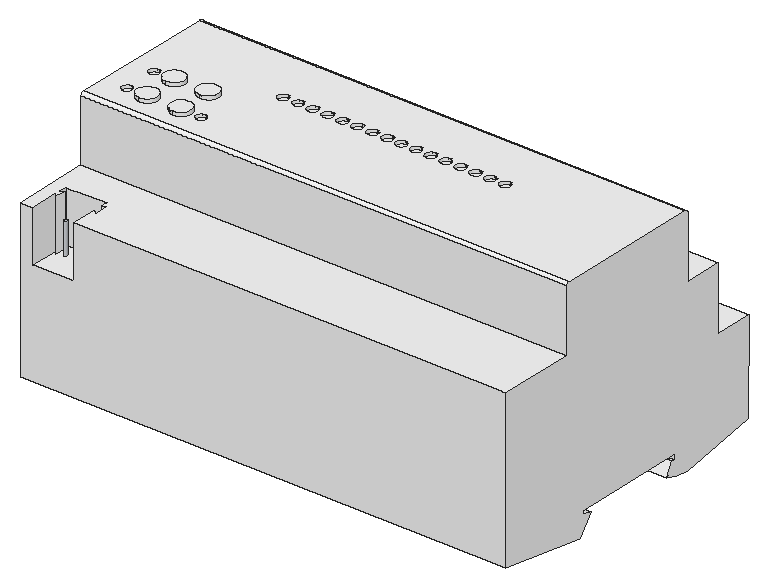
Revit family "Gira_104600", category Electrical Fixtures, host Face, Revit 2017
Family settings
  Host = Face
  Maintain Annotation Orientation = No
  Round Connector Dimension = Use Diameter
  Part Type = Normal
  Cut with Voids When Loaded = No
  Shared = No
  Room Calculation Point = No
Parameters (values of type "Swit.act. 8-g 16 A man.act. + C-load KNX DRA")
  URL = "https://www.gira.de/"
  Type Comments = ""
  Suitable for C-load = yes
  Rated current [Ampere] = 16
  Model = ""
  Max. number of switching contacts = 8
  Manufacturer = "Gira"
  Local operation/hand operation = yes
  Keynote = ""
  HeinzeBIM = "https://www.heinze.de/bim/swit-act-8-g-16-a-man-act-c-load-knx-dra/a3e6c1ae2a3f1c518e88d64d5e62ebf619d153d8"
  HAN = "104600"
  GTIN = "4010337042273"
  Description = "Swit.act.8g 16A C load DRA KNX KNX switching actuator, 8-gang 16 A with manual actuation and current measurement for C-loads,DRA plus DRA switching actuators with integrated bus coupler. For switching independently controllable groups of loads. With manual switch for switching over the relay (On Off) parallel or without KNX operation. Multi-phase connection. No additional power supply required.,Features: - Manual actuation of the relay independent of the bus or switching position indication. - NO contact or NC contact operation. - Central switching function. - Group feedback for reduction of bus load. - Active or passive (object can be read out) cyclical feedback function. - Feedback can be delayed until after the recovery of bus voltage. - Logical linking function for each output. - Block function can be parameterised for each channel. As an alternative, forced setting function for each output. - Time functions (switch-on off delay, staircase light function – also with advance warning function). - Integration in light scenes is possible, eight internal scenes at the most can be parameterised per channel. - Memory function for light scenes. - Elapsed operating time meter as forward backward counter with limit function (limit can be changed via bus) can be activated for each output. - Input monitoring for cyclical updating with safety setting. - Reactions in case of bus voltage failure and restoration can be set for each channel following an ETS programming process. - The switching contacts of the switching actuator, 8-gang, C-load are especially designed for loads with a capacitive character, and therefore conditional, brief, high switch-on currents (see Technical Data). - The switching actuator has an integrated current detection. - A current measurement can be carried out for each channel. - Current detection: Measurement of load current for each channel. - Threshold values for load monitoring (e.g. signalling of load failure). - Independent switching of the eight outputs.,Notes : - Installation on DIN top-hat rail. - VDE approval in accordance with EN 60669-1, EN 60669-2-1."
  Default Elevation = 1219.2 mm
  Cost = 0
  Bus connection included = yes
  BIMSITE_PRODUCT_ID = "a3e6c1ae2a3f1c518e88d64d5e62ebf619d153d8"
  BIM = "https://media.live.bim.site/t/eyJhbGciOiJIUzI1NiIsInR5cCI6IkpXVCJ9.eyJjdCI6MSwidGYiOiJwdWJsaWMvZ2lyYS8wOWY1ZGI1L1JFRyAxNmYucmZhIiwiY2lkIjoiZmVkOThlOWEtMWJkOC00YzY4LWE3M2ItNzRhOTRlMzE1ODIzIiwicmlkIjoiNzMwNTE4Yzk5MGQ1YjMxY2I0MmNkZmMyYmRlMGI3OTciLCJwaWQiOiJhM2U2YzFhZTJhM2YxYzUxOGU4OGQ2NGQ1ZTYyZWJmNjE5ZDE1M2Q4Iiwic2lkIjoiNjM0NzAiLCJ1dCI6NSwibGMiOiJlbiIsImlhdCI6MTYwNzQzMTQyMywiaXNzIjoiaHR0cHM6Ly9hcGkubGl2ZS5iaW0uc2l0ZSIsInN1YiI6IjhkM2FhNWNiLWUwNjYtNDU5OC1iZTE2LTZlMTZlZTc0OTU2YSJ9.COQDDhzMIrvf9NksnSbDZDmq6mkdAts3SoN_m-TEU9A/REG 16f.rfa"
  Assembly Code = ""
Reference planes
  plane 1 "Center (Front/Back)": y = 0
  plane 2: z = 0
  plane 3 "Center (Left/Right)": x = 0
Forms (mm)
  Extrusion 1, solid, material "White", detail levels fine
    sketch origin (-36, 0, 0) x (0, 1, 0) y (0, 0, 1)
      loop
        line (45.125, -2.619) -> (45.125, 24.95) -> (33.875, 24.95) -> (33.875, 43.8) -> (22.575, 43.8) -> (22.575, 62.05)
        arc (22.575, 62.05) -> (22.311, 62.686) -> (21.675, 62.95) r 0.9
        line (21.675, 62.95) -> (-21.175, 62.95)
        arc (-21.175, 62.95) -> (-21.785, 62.758) -> (-22.175, 62.25) r 1.064
        line (-22.175, 62.25) -> (-22.175, 43.8) -> (-44.725, 43.8) -> (-44.725, -2.619)
        arc (-44.725, -2.619) -> (-31.081, -5.433) -> (-17.243, -7.049) r 160
        line (-17.243, -7.049) -> (-13.165, -1.734) -> (-16.399, -0.807) -> (-16.399, 0) -> (17.8, 0) -> (17.8, -1.4) -> (16.8, -1.4) -> (14.749, -4.952)
        arc (14.749, -4.952) -> (18.64, -6.184) -> (22.7, -6.6) r 20
        arc (22.7, -6.6) -> (33.983, -5.009) -> (45.125, -2.619) r 160
    from -36 to 108
  Extrusion 2, void, detail levels fine
    sketch origin (-34, 0, 0) x (1, 0, 0) y (0, 1, 0)
      loop
        circle (30, 26.925) r 2.55
      loop
        circle (21.75, 26.925) r 2.55
      loop
        circle (12.75, 26.925) r 2.55
      loop
        circle (4.5, 26.925) r 2.55
      loop
        circle (-4.5, 26.925) r 2.55
      loop
        circle (-12.75, 26.925) r 2.55
      loop
        circle (-21.75, 26.925) r 2.55
      loop
        circle (-30, 26.925) r 2.55
    from 37.936 to 43.8
  Extrusion 3, void, detail levels fine
    sketch origin (-34, 11.25, -18.85) x (1, 0, 0) y (0, 1, 0)
      loop
        circle (30, 26.925) r 2.55
      loop
        circle (21.75, 26.925) r 2.55
      loop
        circle (12.75, 26.925) r 2.55
      loop
        circle (4.5, 26.925) r 2.55
      loop
        circle (-4.5, 26.925) r 2.55
      loop
        circle (-12.75, 26.925) r 2.55
      loop
        circle (-21.75, 26.925) r 2.55
      loop
        circle (-30, 26.925) r 2.55
    from 37.936 to 43.8
  Extrusion 4, void, detail levels fine
    sketch origin (-36, 0, 0) x (1, 0, 0) y (0, 1, 0)
      loop
        circle (-13, -3.875) r 3
      loop
        circle (-23, -3.875) r 3
      loop
        circle (-23, -13.875) r 3
      loop
        circle (-13, -13.875) r 3
      loop
        circle (-29, -3.875) r 1.575
      loop
        circle (-29, -13.875) r 1.575
      loop
        circle (-7, -13.875) r 1.575
      loop
        circle (2.006, 5.325) r 1.625
      loop
        circle (6.406, 5.325) r 1.575
      loop
        circle (10.806, 5.325) r 1.625
      loop
        circle (15.206, 5.325) r 1.625
      loop
        circle (19.606, 5.325) r 1.625
      loop
        circle (24.006, 5.325) r 1.625
      loop
        circle (28.406, 5.325) r 1.575
      loop
        circle (32.806, 5.325) r 1.625
      loop
        circle (37.006, 5.325) r 1.625
      loop
        circle (41.406, 5.325) r 1.575
      loop
        circle (45.806, 5.325) r 1.625
      loop
        circle (50.206, 5.325) r 1.625
      loop
        circle (54.606, 5.325) r 1.625
      loop
        circle (59.006, 5.325) r 1.625
      loop
        circle (63.406, 5.325) r 1.575
      loop
        circle (67.806, 5.325) r 1.625
    from 58.253 to 62.95
  Extrusion 5, void, detail levels fine
    sketch origin (-36, 0, 0) x (1, 0, 0) y (0, 1, 0)
      loop
        line (-32.175, -32.6) -> (-32.175, -34.9) -> (-31.24, -34.36) -> (-31.401, -37.165) -> (-32.175, -36.7) -> (-32.175, -44.875) -> (-20.175, -44.875) -> (-20.175, -37.33) -> (-19.075, -37.965) -> (-19.075, -33.635) -> (-20.175, -34.27) -> (-20.175, -32.6) -> (-32.175, -32.6)
    from 28.5 to 43.8
  Extrusion 6, solid, detail levels fine
    sketch origin (-36, 0, 0) x (1, 0, 0) y (0, 1, 0)
      loop
        circle (-29.375, -36.2) r 0.5
      loop
        circle (-23.575, -36.2) r 0.5
    from 28.5 to 37.5
  Extrusion 7, void, detail levels fine
    sketch origin (-34, 0, 0) x (1, 0, 0) y (0, 0, 1)
      loop
        line (32.368, 26.75) -> (32.35, 28.865) -> (32.319, 32.45) -> (27.731, 32.45) -> (27.682, 26.75) -> (32.368, 26.75)
      loop
        line (24.118, 26.75) -> (24.1, 28.865) -> (24.069, 32.45) -> (19.481, 32.45) -> (19.432, 26.75) -> (24.118, 26.75)
      loop
        line (15.118, 26.75) -> (15.1, 28.865) -> (15.069, 32.45) -> (10.481, 32.45) -> (10.432, 26.75) -> (15.118, 26.75)
      loop
        line (6.868, 26.75) -> (6.85, 28.865) -> (6.819, 32.45) -> (2.231, 32.45) -> (2.182, 26.75) -> (6.868, 26.75)
      loop
        line (-2.182, 26.75) -> (-2.2, 28.865) -> (-2.231, 32.45) -> (-6.819, 32.45) -> (-6.868, 26.75) -> (-2.182, 26.75)
      loop
        line (-10.432, 26.75) -> (-10.45, 28.865) -> (-10.481, 32.45) -> (-15.069, 32.45) -> (-15.118, 26.75) -> (-10.432, 26.75)
      loop
        line (-19.35, 26.75) -> (-19.369, 28.865) -> (-19.4, 32.45) -> (-23.987, 32.45) -> (-24.037, 26.75) -> (-19.35, 26.75)
      loop
        line (-27.682, 26.75) -> (-27.7, 28.865) -> (-27.731, 32.45) -> (-32.319, 32.45) -> (-32.368, 26.75) -> (-27.682, 26.75)
    from -29.206 to -33.875
  Extrusion 8, void, detail levels fine
    sketch origin (-34, 11.25, -19.567) x (1, 0, 0) y (0, 0, 1)
      loop
        line (32.368, 26.75) -> (32.35, 28.865) -> (32.319, 32.45) -> (27.731, 32.45) -> (27.682, 26.75) -> (32.368, 26.75)
      loop
        line (24.118, 26.75) -> (24.1, 28.865) -> (24.069, 32.45) -> (19.481, 32.45) -> (19.432, 26.75) -> (24.118, 26.75)
      loop
        line (15.118, 26.75) -> (15.1, 28.865) -> (15.069, 32.45) -> (10.481, 32.45) -> (10.432, 26.75) -> (15.118, 26.75)
      loop
        line (6.868, 26.75) -> (6.85, 28.865) -> (6.819, 32.45) -> (2.231, 32.45) -> (2.182, 26.75) -> (6.868, 26.75)
      loop
        line (-2.182, 26.75) -> (-2.2, 28.865) -> (-2.231, 32.45) -> (-6.819, 32.45) -> (-6.868, 26.75) -> (-2.182, 26.75)
      loop
        line (-10.432, 26.75) -> (-10.45, 28.865) -> (-10.481, 32.45) -> (-15.069, 32.45) -> (-15.118, 26.75) -> (-10.432, 26.75)
      loop
        line (-19.35, 26.75) -> (-19.369, 28.865) -> (-19.4, 32.45) -> (-23.987, 32.45) -> (-24.037, 26.75) -> (-19.35, 26.75)
      loop
        line (-27.682, 26.75) -> (-27.7, 28.865) -> (-27.731, 32.45) -> (-32.319, 32.45) -> (-32.368, 26.75) -> (-27.682, 26.75)
    from -29.206 to -33.875
  Extrusion 9, solid, material "White", detail levels fine
    sketch origin (-36, 0, 0) x (1, 0, 0) y (0, 1, 0)
      loop
        circle (2.006, 5.325) r 1.625
      loop
        circle (6.406, 5.325) r 1.575
      loop
        circle (10.806, 5.325) r 1.625
      loop
        circle (15.206, 5.325) r 1.625
      loop
        circle (19.606, 5.325) r 1.625
      loop
        circle (24.006, 5.325) r 1.625
      loop
        circle (28.406, 5.325) r 1.575
      loop
        circle (32.806, 5.325) r 1.625
      loop
        circle (-29, -3.875) r 1.575
      loop
        circle (-29, -13.875) r 1.575
      loop
        circle (-7, -13.875) r 1.575
      loop
        circle (37.006, 5.325) r 1.625
      loop
        circle (41.406, 5.325) r 1.575
      loop
        circle (45.806, 5.325) r 1.625
      loop
        circle (50.206, 5.325) r 1.625
      loop
        circle (54.606, 5.325) r 1.625
      loop
        circle (59.006, 5.325) r 1.625
      loop
        circle (63.406, 5.325) r 1.575
      loop
        circle (67.806, 5.325) r 1.625
    from 58.253 to 62.25
  Extrusion 10, solid, material "White", detail levels fine
    sketch origin (-36, 0, 0) x (1, 0, 0) y (0, 1, 0)
      loop
        circle (-23, -3.875) r 3
      loop
        circle (-13, -3.875) r 3
      loop
        circle (-23, -13.875) r 3
      loop
        circle (-13, -13.875) r 3
    from 58.253 to 63.841
  Extrusion 11, solid, material "White", detail levels fine
    sketch origin (-36, 0, 0) x (0, 1, 0) y (0, 0, 1)
      loop
        line (45.125, -2.619) -> (45.125, 24.95) -> (33.875, 24.95) -> (33.875, 43.8) -> (22.575, 43.8) -> (22.575, 62.05)
        arc (22.575, 62.05) -> (22.311, 62.686) -> (21.675, 62.95) r 0.9
        line (21.675, 62.95) -> (-21.175, 62.95)
        arc (-21.175, 62.95) -> (-21.785, 62.758) -> (-22.175, 62.25) r 1.064
        line (-22.175, 62.25) -> (-22.175, 43.8) -> (-44.725, 43.8) -> (-44.725, -2.619)
        arc (-44.725, -2.619) -> (-31.081, -5.433) -> (-17.243, -7.049) r 160
        line (-17.243, -7.049) -> (-13.165, -1.734) -> (-16.399, -0.807) -> (-16.399, 0) -> (17.8, 0) -> (17.8, -1.4) -> (16.8, -1.4) -> (14.749, -4.952)
        arc (14.749, -4.952) -> (18.64, -6.184) -> (22.7, -6.6) r 20
        arc (22.7, -6.6) -> (33.983, -5.009) -> (45.125, -2.619) r 160
    from -36 to 108
  Extrusion 12, void, detail levels fine
    sketch origin (34, 0, 0) x (-1, 0, 0) y (0, -1, 0)
      loop
        circle (30, -26.925) r 2.55
      loop
        circle (21.75, -26.925) r 2.55
      loop
        circle (12.75, -26.925) r 2.55
      loop
        circle (4.5, -26.925) r 2.55
      loop
        circle (-4.5, -26.925) r 2.55
      loop
        circle (-12.75, -26.925) r 2.55
      loop
        circle (-21.75, -26.925) r 2.55
      loop
        circle (-30, -26.925) r 2.55
    from 37.936 to 43.8
  Extrusion 13, void, detail levels fine
    sketch origin (34, 11.25, -18.85) x (-1, 0, 0) y (0, -1, 0)
      loop
        circle (30, -26.925) r 2.55
      loop
        circle (21.75, -26.925) r 2.55
      loop
        circle (12.75, -26.925) r 2.55
      loop
        circle (4.5, -26.925) r 2.55
      loop
        circle (-4.5, -26.925) r 2.55
      loop
        circle (-12.75, -26.925) r 2.55
      loop
        circle (-21.75, -26.925) r 2.55
      loop
        circle (-30, -26.925) r 2.55
    from 37.936 to 43.8
  Extrusion 14, void, detail levels fine
    sketch origin (34, 0, 0) x (-1, 0, 0) y (0, 0, -1)
      loop
        line (32.368, -26.75) -> (27.682, -26.75) -> (27.731, -32.45) -> (32.319, -32.45) -> (32.35, -28.865) -> (32.368, -26.75)
      loop
        line (24.118, -26.75) -> (19.432, -26.75) -> (19.481, -32.45) -> (24.069, -32.45) -> (24.1, -28.865) -> (24.118, -26.75)
      loop
        line (15.118, -26.75) -> (10.432, -26.75) -> (10.481, -32.45) -> (15.069, -32.45) -> (15.1, -28.865) -> (15.118, -26.75)
      loop
        line (6.868, -26.75) -> (2.182, -26.75) -> (2.231, -32.45) -> (6.819, -32.45) -> (6.85, -28.865) -> (6.868, -26.75)
      loop
        line (-2.182, -26.75) -> (-6.868, -26.75) -> (-6.819, -32.45) -> (-2.231, -32.45) -> (-2.2, -28.865) -> (-2.182, -26.75)
      loop
        line (-10.432, -26.75) -> (-15.118, -26.75) -> (-15.069, -32.45) -> (-10.481, -32.45) -> (-10.45, -28.865) -> (-10.432, -26.75)
      loop
        line (-19.35, -26.75) -> (-24.037, -26.75) -> (-23.987, -32.45) -> (-19.4, -32.45) -> (-19.369, -28.865) -> (-19.35, -26.75)
      loop
        line (-27.682, -26.75) -> (-32.368, -26.75) -> (-32.319, -32.45) -> (-27.731, -32.45) -> (-27.7, -28.865) -> (-27.682, -26.75)
    from -29.206 to -33.875
  Extrusion 15, void, detail levels fine
    sketch origin (34, 11.25, -19.567) x (-1, 0, 0) y (0, 0, -1)
      loop
        line (32.368, -26.75) -> (27.682, -26.75) -> (27.731, -32.45) -> (32.319, -32.45) -> (32.35, -28.865) -> (32.368, -26.75)
      loop
        line (24.118, -26.75) -> (19.432, -26.75) -> (19.481, -32.45) -> (24.069, -32.45) -> (24.1, -28.865) -> (24.118, -26.75)
      loop
        line (15.118, -26.75) -> (10.432, -26.75) -> (10.481, -32.45) -> (15.069, -32.45) -> (15.1, -28.865) -> (15.118, -26.75)
      loop
        line (6.868, -26.75) -> (2.182, -26.75) -> (2.231, -32.45) -> (6.819, -32.45) -> (6.85, -28.865) -> (6.868, -26.75)
      loop
        line (-2.182, -26.75) -> (-6.868, -26.75) -> (-6.819, -32.45) -> (-2.231, -32.45) -> (-2.2, -28.865) -> (-2.182, -26.75)
      loop
        line (-10.432, -26.75) -> (-15.118, -26.75) -> (-15.069, -32.45) -> (-10.481, -32.45) -> (-10.45, -28.865) -> (-10.432, -26.75)
      loop
        line (-19.35, -26.75) -> (-24.037, -26.75) -> (-23.987, -32.45) -> (-19.4, -32.45) -> (-19.369, -28.865) -> (-19.35, -26.75)
      loop
        line (-27.682, -26.75) -> (-32.368, -26.75) -> (-32.319, -32.45) -> (-27.731, -32.45) -> (-27.7, -28.865) -> (-27.682, -26.75)
    from -29.206 to -33.875
  Extrusion 16, solid, material "White", detail levels medium
    sketch origin (0, 0, 0) x (0, 1, 0) y (0, 0, 1)
      loop
        line (22.575, 63.841) -> (-22.175, 63.841) -> (-22.175, 43.8) -> (-44.725, 43.8) -> (-44.725, -7.049) -> (45.125, -7.049) -> (45.125, 24.95) -> (33.875, 24.95) -> (33.875, 43.8) -> (22.575, 43.8) -> (22.575, 63.841)
    from -72 to 72
  Extrusion 17, solid, material "White", detail levels coarse
    sketch origin (0, 0, 0) x (0, 1, 0) y (0, 0, 1)
      loop
        line (45.125, 63.841) -> (-44.725, 63.841) -> (-44.725, -7.049) -> (45.125, -7.049) -> (45.125, 63.841)
    from -72 to 72
Cuts and joins
  Extrusion 2, Extrusion 3, Extrusion 4, Extrusion 5, Extrusion 7, Extrusion 8, Extrusion 12, Extrusion 13, Extrusion 14, Extrusion 15 cuts Extrusion 1
  Extrusion 2, Extrusion 3, Extrusion 4, Extrusion 5, Extrusion 7, Extrusion 8, Extrusion 12, Extrusion 13, Extrusion 14, Extrusion 15 cuts Extrusion 11
Dimensions and locks
  aligned and locked: plane 2 to host face
  aligned and locked: level to host face
